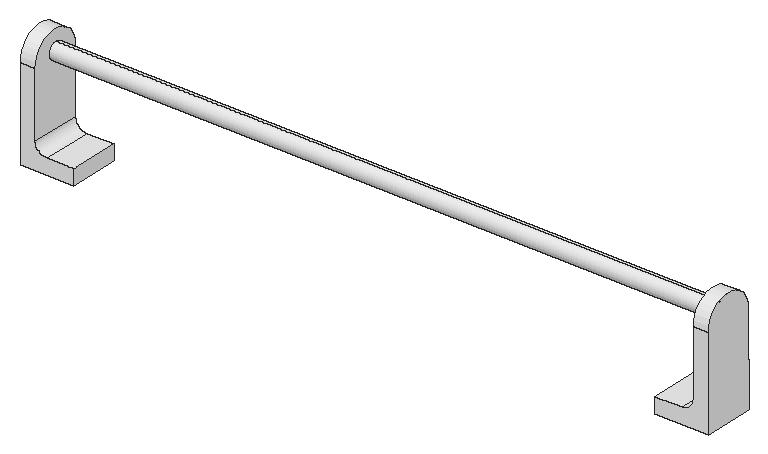
Revit family "Towel_Bar-DXV-Equility-D35109240_Series", category Specialty Equipment, host Face, Revit 2014
Parameters (values of type "D35109240.100")
  Width = 25 7/8"
  Warranty Documentation Link = "https://www.dxv.com/-/media/files/dxv/warranty/dxv_warranty_booklet.ashx"
  URL = "http://www.dxv.com/"
  Type Comments = ""
  Revised Date = "1/14/2019"  # constant formula
  Product Page URL = "https://www.dxv.com/product/equility-24-inch-towel-bar-by-dxv"
  Product Documentation Link = "https://dxv01.blob.core.windows.net/dxv-product-pdf-files/spec_D35109240_DXV_Equility_towel_bar_EN.pdf"
  Price = "Prices may vary. Please consult Manufacturer Representative for most up-to-date price list."  # constant formula
  Model = "D35109240.100"
  Material = "Metal-DXV-100-Polished Chrome"
  Finish = Metal-DXV-100-Polished Chrome
  Manufacturer = "DVX"
  Length = 4 3/8"
  Installation Type = "Wall Mounted"
  Height = 1 7/8"
  Description = "Equility 24\" Towel Bar"
  Default Elevation = 40"
  Creation Date = "10/02/2014"  # constant formula
  Assembly Code = "C1030220"
Types (4): name | Model | Material | Finish
  (no name) | "D35109240.100" | "Metal-DXV-100-Polished Chrome" | Metal-DXV-100-Polished Chrome
  D35109240.100 | "D35109240.100" | "Metal-DXV-100-Polished Chrome" | Metal-DXV-100-Polished Chrome
  D35109240.144 | "D35109240.144" | "Metal-DXV-144-Brushed Nickel" | Metal-DXV-144-Brushed Nickel
  D35109240.243 | "D35109240.243" | "Metal-DXV-243-Matte Black" | Metal-DXV-243-Matte Black
Reference planes (in)
  plane 1 "Center (Front/Back)": y = 0
  plane 2: z = 0
  plane 3 "Center (Left/Right)": x = 0
  plane 4 "Finished Floor": y = -40
  plane 5: x = 12
  plane 6: x = -12
  plane 7: x = -12.375
  plane 8: x = 12.375
  plane 9: x = -12.9375
  plane 10: x = 12.9375
  plane 11: y = 0.9375
  plane 12: y = -0.9375
  plane 13: z = 3.6488
  plane 14: z = 4.375
  plane 15: y = 0.31361
  plane 16: y = -0.31361
Forms (in)
  Extrusion 1, solid, material "Metal-DXV-100-Polished Chrome" <- "Finish"
    sketch origin (0, 0.9375, 0) x (1, 0, 0) y (0, 0, 1)
      loop
        line (-12.9375, 0) -> (-10.9375, 0) -> (-10.9375, 0.5764) -> (-11.95167, 0.5764)
        arc (-11.95167, 0.5764) -> (-12.25101, 0.70039) -> (-12.375, 0.99973) r 0.42333
        line (-12.375, 0.99973) -> (-12.375, 4.375) -> (-12.9375, 4.375) -> (-12.9375, 0)
      loop
        line (12.9375, 0) -> (12.9375, 4.375) -> (12.375, 4.375) -> (12.375, 0.99973)
        arc (12.375, 0.99973) -> (12.25101, 0.70039) -> (11.95167, 0.5764) r 0.42333
        line (11.95167, 0.5764) -> (10.9375, 0.5764) -> (10.9375, 0) -> (12.9375, 0)
    from 0 to 1.875
  Revolve 2, solid, material "Metal-DXV-100-Polished Chrome" <- "Finish"
    sketch origin (0, 0, 0) x (1, 0, 0) y (0, 0, 1)
      loop
        line (-12.375, 3.6488) -> (12.375, 3.6488) -> (12.375, 3.9613) -> (-12.375, 3.9613) -> (-12.375, 3.6488)
      axis (12.375, 3.6488) -> (-12.375, 3.6488)
    angle from 0 to 360
  Extrusion 3, void
    sketch origin (0, 0, 0.07812) x (0, 1, 0) y (0, 0, 1)
      loop
        arc (-0.9375, 3.34968) -> (0, 4.28718) -> (0.9375, 3.34968) r 0.9375
        line (0.9375, 3.34968) -> (1.03996, 3.34968) -> (1.03996, 4.40905) -> (-1.03996, 4.40905) -> (-1.03996, 3.34968) -> (-0.9375, 3.34968)
    from 12.97153 to 12.33205
  Extrusion 4, void
    sketch origin (0, 0, 0.07813) x (0, 1, 0) y (0, 0, -1)
      loop
        line (-0.9375, -3.34968) -> (-1.03996, -3.34968) -> (-1.03996, -4.40905) -> (1.03996, -4.40905) -> (1.03996, -3.34968) -> (0.9375, -3.34968)
        arc (0.9375, -3.34968) -> (0, -4.28718) -> (-0.9375, -3.34968) r 0.9375
    from 13.00742 to 12.33205
Cuts and joins
  Extrusion 3, Extrusion 4 cuts Revolve 2
  Extrusion 3, Extrusion 4 cuts Extrusion 1
Lines and regions (in)
  Masking region 1
    outline origin (0, 0, 0) x (1, 0, 0) y (0, 0, 1)
      loop
        line (-12.375, 3.9613) -> (-12.375, 4.375) -> (-12.9375, 4.375) -> (-12.9375, 0) -> (-10.9375, 0) -> (-10.9375, 0.5764) -> (-11.95167, 0.5764)
        arc (-11.95167, 0.5764) -> (-12.25101, 0.70039) -> (-12.375, 0.99973) r 0.42333
        line (-12.375, 0.99973) -> (-12.375, 3.3363) -> (12.375, 3.3363) -> (12.375, 0.99973)
        arc (12.375, 0.99973) -> (12.25101, 0.70039) -> (11.95167, 0.5764) r 0.42333
        line (11.95167, 0.5764) -> (10.9375, 0.5764) -> (10.9375, 0) -> (12.9375, 0) -> (12.9375, 4.375) -> (12.375, 4.375) -> (12.375, 3.9613) -> (-12.375, 3.9613)
  symbolic lines, style "SpecialityEquipment", detail levels medium+fine
    curve 1: line (-12.375, 0, 3.3363) -> (-12.375, 0, 3.9613)
    curve 2: line (12.375, 0, 3.3363) -> (12.375, 0, 3.9613)
Dimensions and locks (in)
  "Default Elevation": plane 4 "Finished Floor" to plane 1 "Center (Front/Back)"
  "Height": plane 11 to plane 12
  "Width": plane 9 to plane 10
  plane 7 to plane 8 = 24 3/4"
  "Length": plane 14 to plane 2
  plane 6 to plane 5 = 24"  (x2)
  plane 15 to plane 16 = 0.62722"
  aligned and locked: plane 2 to host face
  aligned and locked: level to host face
Automatic sketch dimensions
  host sketch curve to host sketch curve = 96"  (x2)
  Extrusion 1 sketch curve to level = 0"  (x2)
  plane 9 to Extrusion 1 sketch curve = 0"
  plane 7 to Extrusion 1 sketch curve = 0"
  Extrusion 1 sketch curve to plane 6 = 0.04833"
  Extrusion 1 sketch curve to Extrusion 1 sketch curve = 1.01417"
  level to Extrusion 1 sketch curve = 0.5764"  (x2)
  Extrusion 1 sketch curve to plane 5 = 1 1/16"
  Extrusion 1 sketch curve to plane 5 = 0.04833"
  plane 8 to Extrusion 1 sketch curve = 0"
  Revolve 2 sketch curve to plane 13 = 0"  (x2)
  plane 7 to Revolve 2 sketch curve = 0"  (x2)
  Revolve 2 sketch curve to plane 8 = 0"
  plane 7 to Revolve 2 sketch curve = 1/4"
  Revolve 2 sketch curve to Revolve 2 sketch curve = 5/16"
  Extrusion 3 sketch curve to plane 12 = 0"
  Extrusion 3 sketch curve to plane 1 "Center (Front/Back)" = 0"
  plane 14 to Extrusion 3 sketch curve = 0.11217"
  plane 12 to Extrusion 3 sketch curve = 0.10246"
  plane 11 to Extrusion 3 sketch curve = 0.10246"
  Extrusion 3 sketch curve to plane 13 = 0.221"
  Extrusion 4 sketch curve to plane 12 = 0"
  Extrusion 4 sketch curve to plane 1 "Center (Front/Back)" = 0"
  plane 14 to Extrusion 4 sketch curve = 0.11217"
  plane 12 to Extrusion 4 sketch curve = 0.10246"
  plane 11 to Extrusion 4 sketch curve = 0.10246"
  Extrusion 4 sketch curve to plane 13 = 0.221"
  Extrusion 1 sketch curve to plane 14 = 0"  (x2)
  Extrusion 1 sketch curve to plane 10 = 0"
  plane 9 to Masking region 1 sketch curve = 0"
  plane 7 to Masking region 1 sketch curve = 0"  (x2)
  Masking region 1 sketch curve to level = 0"  (x2)
  Masking region 1 sketch curve to plane 8 = 0"  (x2)
  Masking region 1 sketch curve to plane 10 = 0"
  Masking region 1 sketch curve to plane 14 = 0"  (x2)
  Masking region 1 sketch curve to plane 6 = 0.04833"
  Masking region 1 sketch curve to Masking region 1 sketch curve = 1.01417"
  Masking region 1 sketch curve to plane 5 = 1 1/16"
  Masking region 1 sketch curve to plane 5 = 0.04833"
  level to Masking region 1 sketch curve = 0.5764"  (x2)
  Masking region 1 sketch curve to plane 13 = 5/16"
  plane 13 to Masking region 1 sketch curve = 5/16"
  plane 7 to curve 1 = 0"
  curve 2 to plane 8 = 0"
  curve 2 to plane 13 = 5/16"
  curve 1 to plane 13 = 5/16"
  plane 13 to curve 2 = 5/16"
  plane 13 to curve 1 = 5/16"
